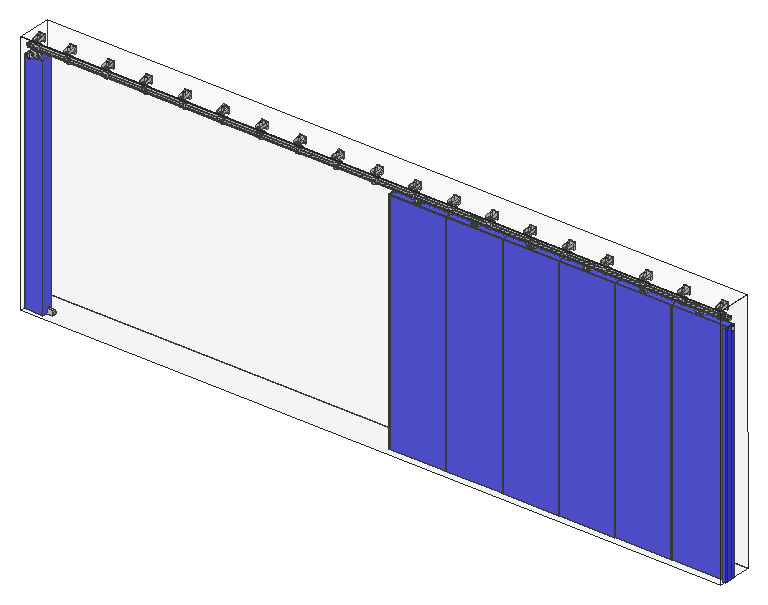
Revit family "Somati-System_SGS_Horizontal-fire-sliding-door_9050_Iintel_counterweight-behind-door-access_EI60_W-to-H-higher-than-1,3", category Doors, host Wall, Revit 2018
Family settings
  Host = Wall
  OmniClass Number = 23.30.10.00
  OmniClass Title = Doors
  Always vertical = Yes
  Cut with Voids When Loaded = No
  Shared = No
  Room Calculation Point = No
Parameters (values of type "EI 60")
  Youtube clip = "https://www.youtube.com/watch?v=pRjbxBvixFY&feature=emb_logo"
  Wing top offset [instance] = 91 mm  # constant formula
  Wing thickness = 71.2 mm
  Wing access (D) [instance] = [Width (W)] + 150 mm  # 5530 mm
  Width (W) [instance] = 5380 mm
  Weight Net (Kg) = "0"
  Uniformat II Description = ""
  Uniformat II Code = ""
  Uniclass 2015 Name = ""
  Uniclass 2015 Code = ""
  Uniclass 2.0 Description = ""
  Uniclass 2.0 Code = ""
  Uniclass 1.4 Description = ""
  Uniclass 1.4 Code = ""
  UNSPSC Code = ""
  Total height (Z) [instance] = Height Control + 375 mm  # 3975 mm
  Thickness = 0 mm
  Technical description = "https://somati-system.pl/en/download/sgs-download-en/"
  Region South America = "None"
  Region Oceania = "None"
  Region North America = "None"
  Region Middle East = "None"
  Region Europe = "AD, AL, AT, AX, BA, BE, BG, BY, CH, CY, CZ, DE, DK, EE, ES, FI, FO, FR, GB, GG, GI, GR, HR, HU, IE, IM, IS, IT, JE, LI, LT, LU, LV, MC, MD, ME, MK, MT, NL, NO, PL, PT, RO, RS, RU, SE, SI, SJ, SK, SM, UA, VA"
  Region Asia = "None"
  Region Antarctica = "None"
  Region Africa = "None"
  Rail and assembly materials [instance] = Somati - Stainless Steel - 7035
  QR code = "http://bimobject.com/somati-system/product/SGS_HORIZONTAL_FIRE_SLIDING_DOOR"
  Product url = "https://somati-system.pl/en/products/sgs-horizontal-fire-sliding-doors/"
  Product group = "SGS"
  Product family = "SGS"
  Product data url = "https://bimobject.com/somati-system/product/SGS_HORIZONTAL_FIRE_SLIDING_DOOR"
  Product certification = ""
  Product SKU = "SGS_HORIZONTAL_FIRE_SLIDING_DOOR"
  Product Guid = "8235eb12-0acf-4b60-9ca9-7613396e8d01"
  Power supply of control panel = "230V/50Hz/6A"  # constant formula
  Panel width [instance] = ([Width (W)] + 168 mm) / Number of panels in wing  # 924.667 mm
  Panel material = Somati - Stainless Steel - Custom
  Panel height [instance] = Height Control + Wing top offset  # 3691 mm
  OmniClass Description = ""
  OmniClass Code = ""
  Offset Right [instance] = 0 mm
  Offset Left [instance] = [Counterweight housing (A2)]  # 310 mm
  Number of panels in wing [instance] = roundup([Width (W)] / 1000 mm)  # 6
  Number of hangers [instance] = ([Guide rail length (K)] - 420 mm) / 600 mm  # 18
  Nominal width = 0 mm
  Nominal height = 0 mm
  NBS Reference Description = ""
  NBS Reference Code = ""
  Model = "SGS"  # constant formula
  Max number of opening cycles = 50000  # constant formula
  Material secondary = "Composite"
  Material main = "Steel"
  Masterformat 2014 Description = ""
  Masterformat 2014 Code = ""
  Manufacturer name = "Somati System"
  Manufacturer country = "Poland"
  Manufacturer = "Somati System"  # constant formula
  Installation instructions = ""
  IFC Classification = ""
  Height Control [instance] = if([Height (H)] < 3501 mm, 3501 mm, [Height (H)])  # 3600 mm
  Height (H) [instance] = 3600 mm
  Guide rail lower edge (B1) [instance] = Height Control + 170 mm  # 3770 mm
  Guide rail length (K) [instance] = [Wing access (D)] + [Width (W)] + [Counterweight housing (A2)]  # 11220 mm
  Gate Control type = "Electromagnetic brake"  # constant formula
  GTIN code = ""
  Function = Interior
  Height = 3000 mm
  Wall Closure = By host
  Width = 3000 mm
  Fire resistance = "EI 60, EI 120 n"  # constant formula
  Edition number = 1
  Design country = "Poland"
  Date of publishing = ""
  Counterweight housing (A2) [instance] = if([Width (W)] / Height Control > 1.3, 310 mm, 180 mm)  # 310 mm
  Console mounting axis (B2) [instance] = if(Height Control > 3500 mm, Height Control + 239 mm, Height Control + 179 mm)  # 3839 mm
  Clearance Area Visibility [instance] = yes
  COBIe Type Category = ""
  Buffer (A1) [instance] = [Width (W)] + 280 mm  # 5660 mm
  Brand url = ""
  BIMobject main category code = "doors"
  BIMobject main category = "Doors"
  BIMobject category code = "doors-fire"
  BIMobject category = "Fire Doors & Shutters"
  Available surface fnish = "Galvanized Stainless Steel PVC, MDF, HDF, laminate or veneer, STANDARD RAL 7035, 9002, 9006, 9010, and powder coating of whole RAL pallet"  # constant formula
Reference planes
  plane 1: y = 0
  plane 2 "Center (Left/Right)": x = 0
  plane 3 "Left": x = -2690
  plane 4 "Right": x = 2690
  plane 5 "Cutout height": z = 3600
  plane 6 "Exterior": y = 150
  plane 7 "Interior": y = -150
  plane 8 "Consoles mounting axis": z = 3839
  plane 9 "Total height top": z = 3975
  plane 10 "Guide rail bottom": z = 3770
  plane 11 "Wing access": x = -8220
  plane 12 "Buffer placement": x = -8350
  plane 13 "Handle": z = 1050
  plane 14 "Wing end left": x = -2798
  plane 15 "Wing end top": z = 3691
  plane 16 "Wing end right": x = 2690
  plane 17: y = -324
  plane 18 "Wing axis": y = -229.75
  plane 19: y = -75
  plane 20: y = -193.4
  plane 21: y = -266.1
  plane 22: x = -2800
  plane 23 "end of hangers": x = -8010
  plane 24: x = -1040
  plane 25: x = -2735
  plane 26: y = -291.1
  plane 27: y = -162.9
  plane 28: x = -8660
  plane 29: x = -8359
  plane 30: x = -8509.5
  plane 31: x = 2690
  plane 32: x = -8660
  plane 33: x = -8505
  plane 34: x = 2560
  plane 35: z = 3757
  plane 36: y = -398.674
Forms (mm)
  Sweep 1, solid
    path origin (0, -150, 0) x (1, 0, 0) y (0, 0, 1)
      loop
        line (-2690, 0) -> (-2690, 3582) -> (2690, 3582)
    profile origin (-2690, -150, 1791) x (-1, 0, 0) y (0, -1, 0)
      loop
        line (22, 33) -> (22, 4)
        arc (22, 4) -> (23.172, 1.172) -> (26, 0) r 4
        line (26, 0) -> (68, 0)
        arc (68, 0) -> (70.828, 1.172) -> (72, 4) r 4
        line (72, 4) -> (72, 29)
        arc (72, 29) -> (72.586, 30.414) -> (74, 31) r 2
        line (74, 31) -> (95, 31) -> (95, 33) -> (22, 33)
  Sweep 2, solid, material "Somati - Stainless Steel - Custom" <- "Panel material"
    path origin (0, -150, 0) x (1, 0, 0) y (0, 0, 1)
      loop
        line (-2798, 3691) -> (-2798, 0)
    profile origin (-2798, -150, 1845.5) x (0, -1, 0) y (1, 0, 0)
      loop
        arc (18.1, 2) -> (19.272, -0.828) -> (22.1, -2) r 4
        line (22.1, -2) -> (114.1, -2)
        arc (114.1, -2) -> (116.928, -0.828) -> (118.1, 2) r 4
        line (118.1, 2) -> (118.1, 13) -> (116.1, 13) -> (116.1, 2)
        arc (116.1, 2) -> (115.514, 0.586) -> (114.1, 0) r 2
        line (114.1, 0) -> (22.1, 0)
        arc (22.1, 0) -> (20.686, 0.586) -> (20.1, 2) r 2
        line (20.1, 2) -> (20.1, 23) -> (18.1, 23) -> (18.1, 2)
  Sweep 3, solid, material "Somati - Stainless Steel - Custom" <- "Panel material"
    path origin (0, -150, 0) x (1, 0, 0) y (0, 0, 1)
      loop
        line (-2800, 3691) -> (2690, 3691)
    profile origin (-55, -150, 3691) x (0, 0, 1) y (0, -1, 0)
      loop
        line (-23, 19.5) -> (-23, 17.5) -> (-2, 17.5)
        arc (-2, 17.5) -> (0.828, 18.672) -> (2, 21.5) r 4
        line (2, 21.5) -> (2, 117.5) -> (0, 117.5) -> (0, 21.5)
        arc (0, 21.5) -> (-0.586, 20.086) -> (-2, 19.5) r 2
        line (-2, 19.5) -> (-23, 19.5)
  Sweep 4, solid, material "Somati - Stainless Steel - 7035" <- "Rail and assembly materials"
    path origin (0, -150, -4.5) x (1, 0, 0) y (0, 0, 1)
      loop
        line (-8660, 3774.5) -> (2690, 3774.5)
    profile origin (-2985, -150, 3770) x (0, 0, 1) y (0, -1, 0)
      loop
        arc (60, 105.25) -> (57.95, 110.2) -> (53, 112.25) r 7
        line (53, 112.25) -> (30.917, 112.25)
        arc (30.917, 112.25) -> (30.008, 112.191) -> (29.114, 112.014) r 7
        line (29.114, 112.014) -> (5.196, 105.636)
        arc (5.196, 105.636) -> (1.449, 103.137) -> (0, 98.872) r 7
        line (0, 98.872) -> (0, 88.75) -> (3, 88.75) -> (3, 100.25) -> (5.312, 102.562) -> (30.393, 109.25) -> (53, 109.25)
        arc (53, 109.25) -> (55.828, 108.078) -> (57, 105.25) r 4
        line (57, 105.25) -> (57, 54.25)
        arc (57, 54.25) -> (55.828, 51.422) -> (53, 50.25) r 4
        line (53, 50.25) -> (30.393, 50.25) -> (5.312, 56.938) -> (3, 59.25) -> (3, 70.75) -> (0, 70.75) -> (0, 60.628)
        arc (0, 60.628) -> (1.449, 56.363) -> (5.196, 53.864) r 7
        line (5.196, 53.864) -> (29.114, 47.486)
        arc (29.114, 47.486) -> (30.008, 47.309) -> (30.917, 47.25) r 7
        line (30.917, 47.25) -> (53, 47.25)
        arc (53, 47.25) -> (57.95, 49.3) -> (60, 54.25) r 7
        line (60, 54.25) -> (60, 105.25)
  Extrusion 5, solid, material "Clearance Areas", visible <- "Clearance Area Visibility"
    sketch origin (-2209.467, 358.585, 220.701) x (1, 0, 0) y (0, 0, -1)
      loop
        line (-6450.533, 220.701) -> (-6450.533, -3758.299) -> (4899.467, -3758.299) -> (4899.467, 220.701) -> (-6450.533, 220.701)
    from -757.259 to -208.585
  Sweep 6, solid, material "Somati - Stainless Steel - Custom" <- "Panel material"
    path origin (0, -150, 0) x (1, 0, 0) y (0, 0, 1)
      loop
        line (-8660, 0) -> (-8660, 3691)
    profile origin (-8660, -150, 1845.5) x (-1, 0, 0) y (0, -1, 0)
      loop
        line (-301, 161) -> (-301, 0) -> (0, 0) -> (0, 161) -> (-301, 161)
      loop
        line (-298, 3) -> (-3, 3) -> (-3, 157) -> (-298, 157) -> (-298, 3)
  Sweep 7, solid, material "Somati - Stainless Steel - Custom" <- "Panel material"
    path origin (0, -150, 0) x (1, 0, 0) y (0, 0, 1)
      loop
        line (2690, 0) -> (2690, 3691)
    profile origin (2690, -150, 1845.5) x (-1, 0, 0) y (0, -1, 0)
      loop
        line (51, 0) -> (51, 33) -> (2, 33) -> (2, 124) -> (48, 124) -> (48, 161) -> (0, 161) -> (0, 0) -> (51, 0)
Lines and regions (mm)
  Opening 1
    outline origin (-3050, -150, 0) x (1, 0, 0) y (0, 0, 1)
      loop
        line (360, 0) -> (5740, 0) -> (5740, 3600) -> (360, 3600) -> (360, 0)
Text (mm)
  text "Exterior" at (-2295.016, 1099.543, 0), in view "Ref. Level"
  text "Exterior" at (0, 1615.38, 3698.081), in view "Left"
  text "Exterior" at (0, 1036.032, 3874.932), in view "Right"
Dimensions and locks
  equal spacing: plane 3 "Left", plane 2 "Center (Left/Right)", plane 4 "Right"
  "Width (W)": plane 3 "Left" to plane 4 "Right"
  "Height Control": plane 5 "Cutout height" to host wall
  host wall to plane 5 "Cutout height" = 3600 mm  (x2)
  locked: plane 6 "Exterior" to host wall at 0
  locked: plane 7 "Interior" to host wall
  "Total height (Z)": plane 9 "Total height top" to level
  "Console mounting axis (B2)": plane 8 "Consoles mounting axis" to level
  "Guide rail lower edge (B1)": plane 10 "Guide rail bottom" to level
  "Buffer (A1)": plane 12 "Buffer placement" to plane 3 "Left"
  "Wing access (D)": plane 11 "Wing access" to plane 3 "Left"
  locked: plane 13 "Handle" to level at 1050
  equal spacing: plane 20, plane 18 "Wing axis", plane 21
  equal spacing: group 1, group 6, group 14, group 15, group 16, group 2  (x3)
  "Wing top offset": plane 15 "Wing end top" to plane 5 "Cutout height"
  locked: plane 22 to plane 14 "Wing end left" at 2
  locked: Sweep 1 sketch curve to plane 5 "Cutout height" at 18
  locked: plane 23 "end of hangers" to plane 11 "Wing access" at 210
  equal spacing: group 4, group 24, group 23, group 22, group 21, group 20, group 19, group 18, group 17, group 13, group 12, group 11, group 10, group 9, group 8, group 7, group 5, group 3
  equal spacing: group 3, group 5, group 7, group 8, group 9, group 10, group 11, group 12, group 13, group 17, group 18, group 19, group 20, group 21, group 22, group 23, group 24, group 4  (x2)
  locked: plane 25 to plane 3 "Left" at 45
  locked: plane 27 to plane 20 at 30.5
  locked: plane 21 to plane 26 at 25
  locked: plane 14 "Wing end left" to plane 3 "Left" at 108
  "Counterweight housing (A2)": plane 28 to plane 12 "Buffer placement"
  locked: Sweep 6 sketch curve to Sweep 6 sketch curve at 3  (x2)
  locked: plane 29 to plane 12 "Buffer placement" at 9
  equal spacing: plane 29, plane 30, plane 28
  "Offset Left": plane 32 to plane 12 "Buffer placement"
  "Offset Right": plane 4 "Right" to plane 31
  equal spacing: plane 28, plane 33, plane 12 "Buffer placement"
  locked: plane 31 to plane 34 at 130
  locked: plane 35 to plane 15 "Wing end top" at 66
  locked: host wall to plane 36 at 248.674
  locked: plane 18 "Wing axis" to host wall at 79.75
  aligned and locked: plane 3 "Left" to Opening 1 sketch curve
  aligned and locked: plane 5 "Cutout height" to Opening 1 sketch curve  (x2)
  aligned and locked: Opening 1 sketch curve to plane 4 "Right"
  aligned and locked: Opening 1 sketch curve to level
  aligned and locked: host wall to plane 1
  aligned and locked: nested 1 to plane 18 "Wing axis"
  aligned and locked: plane 14 "Wing end left" to nested 1
  aligned and locked: plane 16 "Wing end right" to nested 2
  aligned and locked: Sweep 1 sketch curve to plane 3 "Left"
  aligned and locked: plane 3 "Left" to Sweep 1 sketch curve
  aligned and locked: plane 4 "Right" to Sweep 1 sketch curve
  aligned and locked: level to Sweep 1 sketch curve
  aligned and locked: Sweep 2 sketch curve to plane 14 "Wing end left"
  aligned and locked: plane 15 "Wing end top" to Sweep 2 sketch curve
  aligned and locked: level to Sweep 2 sketch curve
  aligned and locked: Sweep 3 sketch curve to plane 15 "Wing end top"
  aligned and locked: Sweep 3 sketch curve to plane 22
  aligned and locked: plane 16 "Wing end right" to Sweep 3 sketch curve
  aligned and locked: nested 4 to plane 23 "end of hangers"
  aligned and locked: plane 6 "Exterior" to Extrusion 5
  aligned and locked: nested 2 to plane 18 "Wing axis"
  aligned and locked: plane 21 to Sweep 2
  aligned and locked: nested 6 to plane 18 "Wing axis"
  aligned and locked: nested 6 to plane 12 "Buffer placement"
  aligned and locked: plane 15 "Wing end top" to Sweep 6 sketch curve
  aligned and locked: Sweep 6 sketch curve to plane 28
  aligned and locked: Sweep 6 sketch curve to plane 29
  aligned and locked: Sweep 7 sketch curve to plane 4 "Right"
  aligned and locked: plane 15 "Wing end top" to Sweep 7 sketch curve
  aligned and locked: plane 32 to Sweep 4 sketch curve
  aligned and locked: plane 31 to Sweep 4 sketch curve
  aligned and locked: Sweep 4 sketch curve to plane 10 "Guide rail bottom"
  aligned and locked: plane 9 "Total height top" to nested 3
  aligned and locked: plane 9 "Total height top" to nested 5
  aligned and locked: nested 3 to host wall
  aligned and locked: nested 5 to host wall
  aligned and locked: plane 31 to Extrusion 5
  aligned and locked: Extrusion 5 to plane 32
  aligned and locked: host wall to nested 26
  aligned and locked: nested 26 to plane 33
  aligned and locked: nested 26 to plane 9 "Total height top"
  aligned and locked: plane 31 to plane 16 "Wing end right"
  aligned and locked: nested 3 to plane 34
  aligned and locked: nested 27 to plane 18 "Wing axis"
  aligned and locked: nested 27 to plane 35
  aligned and locked: plane 33 to nested 27
  aligned and locked: Extrusion 5 to plane 36
  aligned and locked: Extrusion 5 to nested 26
Automatic sketch dimensions
  Sweep 6 sketch curve to plane 28 = 0 mm
  Sweep 6 sketch curve to plane 13 "Handle" = 1050 mm
  plane 7 "Interior" to Sweep 1 sketch curve = 0 mm
  Sweep 1 sketch curve to profile plane = 22 mm
  Sweep 1 sketch curve to Sweep 1 sketch curve = 4 mm
  plane 7 "Interior" to Sweep 1 sketch curve = 4 mm
  Sweep 1 sketch curve to Sweep 1 sketch curve = 42 mm
  Sweep 1 sketch curve to Sweep 1 sketch curve = 2 mm
  Sweep 1 sketch curve to Sweep 1 sketch curve = 21 mm
  Sweep 1 sketch curve to Sweep 1 sketch curve = 25 mm
  Sweep 1 sketch curve to Sweep 1 sketch curve = 29 mm
  Sweep 2 sketch curve to Sweep 2 sketch curve = 0 mm  (x4)
  Sweep 2 sketch curve to profile plane = 0 mm
  Sweep 2 sketch curve to profile plane = 2 mm  (x2)
  plane 7 "Interior" to Sweep 2 sketch curve = 18.1 mm
  Sweep 2 sketch curve to Sweep 2 sketch curve = 2 mm
  Sweep 2 sketch curve to Sweep 2 sketch curve = 92 mm
  Sweep 2 sketch curve to Sweep 2 sketch curve = 11 mm
  Sweep 2 sketch curve to Sweep 2 sketch curve = 21 mm
  Sweep 3 sketch curve to Sweep 3 sketch curve = 0 mm  (x2)
  profile plane to Sweep 3 sketch curve = 0 mm
  profile plane to Sweep 3 sketch curve = 2 mm
  Sweep 3 sketch curve to Sweep 3 sketch curve = 21 mm
  Sweep 3 sketch curve to Sweep 3 sketch curve = 2 mm
  plane 7 "Interior" to Sweep 3 sketch curve = 17.5 mm
  Sweep 3 sketch curve to Sweep 3 sketch curve = 96 mm
  plane 9 "Total height top" to Extrusion 5 sketch curve = 4 mm
  Extrusion 5 sketch curve to plane 12 "Buffer placement" = 310 mm
  Extrusion 5 sketch curve to level = 0 mm
  Sweep 6 sketch curve to plane 7 "Interior" = 0 mm
  plane 7 "Interior" to Sweep 6 sketch curve = 3 mm
  Sweep 6 sketch curve to Sweep 6 sketch curve = 154 mm
  Sweep 6 sketch curve to Sweep 6 sketch curve = 4 mm
  Sweep 7 sketch curve to plane 13 "Handle" = 1050 mm
  plane 7 "Interior" to Sweep 7 sketch curve = 0 mm
  profile plane to Sweep 7 sketch curve = 0 mm
  Sweep 7 sketch curve to Sweep 7 sketch curve = 2 mm
  Sweep 7 sketch curve to profile plane = 48 mm
  Sweep 7 sketch curve to profile plane = 51 mm
  plane 7 "Interior" to Sweep 7 sketch curve = 33 mm
  Sweep 7 sketch curve to Sweep 7 sketch curve = 91 mm
  Sweep 7 sketch curve to Sweep 7 sketch curve = 37 mm
  Sweep 4 sketch curve to Sweep 4 sketch curve = 0 mm  (x5)
  Sweep 4 sketch curve to profile plane = 0 mm  (x2)
  Sweep 4 sketch curve to profile plane = 3 mm  (x2)
  Sweep 4 sketch curve to profile plane = 5.196 mm  (x2)
  Sweep 4 sketch curve to Sweep 4 sketch curve = 0.115 mm  (x2)
  Sweep 4 sketch curve to Sweep 4 sketch curve = 1.688 mm  (x2)
  Sweep 4 sketch curve to Sweep 4 sketch curve = 23.917 mm  (x2)
  Sweep 4 sketch curve to Sweep 4 sketch curve = 1.279 mm  (x2)
  Sweep 4 sketch curve to Sweep 4 sketch curve = 1.804 mm
  Sweep 4 sketch curve to Sweep 4 sketch curve = 0.524 mm
  Sweep 4 sketch curve to Sweep 4 sketch curve = 22.083 mm  (x2)
  Sweep 4 sketch curve to Sweep 4 sketch curve = 4 mm
  Sweep 4 sketch curve to Sweep 4 sketch curve = 3 mm
  plane 7 "Interior" to Sweep 4 sketch curve = 47.25 mm
  Sweep 4 sketch curve to Sweep 4 sketch curve = 0.236 mm
  Sweep 4 sketch curve to Sweep 4 sketch curve = 6.378 mm  (x2)
  Sweep 4 sketch curve to Sweep 4 sketch curve = 3.074 mm  (x2)
  Sweep 4 sketch curve to Sweep 4 sketch curve = 2.312 mm
  Sweep 4 sketch curve to Sweep 4 sketch curve = 10.122 mm  (x2)
  Sweep 4 sketch curve to Sweep 4 sketch curve = 18 mm
  Sweep 4 sketch curve to Sweep 4 sketch curve = 1.378 mm
  Extrusion 5 sketch curve to plane 16 "Wing end right" = 0 mm
Nested families
  nested 1: "Family2" at (-2335.667, -229.75, 0), Material <- "Panel material", Width <- "Panel width", Thickness <- "Wing thickness", Height <- "Panel height", type "Family2"
    with Width 924.667 mm, Thickness 71.2 mm, Material Somati - Stainless Steel - Custom, Height 3691 mm
  nested 2: "Family2" at (2227.667, -229.75, 0), Material <- "Panel material", Width <- "Panel width", Thickness <- "Wing thickness", Height <- "Panel height", type "Family2"
    with Width 924.667 mm, Thickness 71.2 mm, Material Somati - Stainless Steel - Custom, Height 3691 mm
  nested 3: "Family3" at (2526, -230.402, 3857) x (0, 1, 0) z (1, 0, 0), type "Family3", detail levels medium+fine
  nested 4: "Family3" at (-8044, -230.402, 3857) x (0, 1, 0) z (1, 0, 0), type "Family3", detail levels medium+fine
  nested 5: "Family3" at (1904.235, -230.402, 3857) x (0, 1, 0) z (1, 0, 0), type "Family3", detail levels medium+fine
  nested 6: "Stopper" at (-8300.037, -229.75, 0), type "Stopper", detail levels medium+fine
  nested 7: "Family2" at (-1423, -229.75, 0), Material <- "Panel material", Width <- "Panel width", Thickness <- "Wing thickness", Height <- "Panel height", type "Family2"
    with Width 924.667 mm, Thickness 71.2 mm, Material Somati - Stainless Steel - Custom, Height 3691 mm
  nested 8: "Family3" at (1282.471, -230.402, 3857) x (0, 1, 0) z (1, 0, 0), type "Family3", detail levels medium+fine
  nested 9: "Family3" at (660.706, -230.402, 3857) x (0, 1, 0) z (1, 0, 0), type "Family3", detail levels medium+fine
  nested 10: "Family3" at (38.941, -230.402, 3857) x (0, 1, 0) z (1, 0, 0), type "Family3", detail levels medium+fine
  nested 11: "Family3" at (-582.824, -230.402, 3857) x (0, 1, 0) z (1, 0, 0), type "Family3", detail levels medium+fine
  nested 12: "Family3" at (-1204.588, -230.402, 3857) x (0, 1, 0) z (1, 0, 0), type "Family3", detail levels medium+fine
  nested 13: "Family3" at (-1826.353, -230.402, 3857) x (0, 1, 0) z (1, 0, 0), type "Family3", detail levels medium+fine
  nested 14: "Family3" at (-2448.118, -230.402, 3857) x (0, 1, 0) z (1, 0, 0), type "Family3", detail levels medium+fine
  nested 15: "Family2" at (-510.333, -229.75, 0), Material <- "Panel material", Width <- "Panel width", Thickness <- "Wing thickness", Height <- "Panel height", type "Family2"
    with Width 924.667 mm, Thickness 71.2 mm, Material Somati - Stainless Steel - Custom, Height 3691 mm
  nested 16: "Family2" at (402.333, -229.75, 0), Material <- "Panel material", Width <- "Panel width", Thickness <- "Wing thickness", Height <- "Panel height", type "Family2"
    with Width 924.667 mm, Thickness 71.2 mm, Material Somati - Stainless Steel - Custom, Height 3691 mm
  nested 17: "Family2" at (1315, -229.75, 0), Material <- "Panel material", Width <- "Panel width", Thickness <- "Wing thickness", Height <- "Panel height", type "Family2"
    with Width 924.667 mm, Thickness 71.2 mm, Material Somati - Stainless Steel - Custom, Height 3691 mm
  nested 18: "Family3" at (-3069.882, -230.402, 3857) x (0, 1, 0) z (1, 0, 0), type "Family3", detail levels medium+fine
  nested 19: "Family3" at (-3691.647, -230.402, 3857) x (0, 1, 0) z (1, 0, 0), type "Family3", detail levels medium+fine
  nested 20: "Family3" at (-4313.412, -230.402, 3857) x (0, 1, 0) z (1, 0, 0), type "Family3", detail levels medium+fine
  nested 21: "Family3" at (-4935.176, -230.402, 3857) x (0, 1, 0) z (1, 0, 0), type "Family3", detail levels medium+fine
  nested 22: "Family3" at (-5556.941, -230.402, 3857) x (0, 1, 0) z (1, 0, 0), type "Family3", detail levels medium+fine
  nested 23: "Family3" at (-6178.706, -230.402, 3857) x (0, 1, 0) z (1, 0, 0), type "Family3", detail levels medium+fine
  nested 24: "Family3" at (-6800.471, -230.402, 3857) x (0, 1, 0) z (1, 0, 0), type "Family3", detail levels medium+fine
  nested 25: "Family3" at (-7422.235, -230.402, 3857) x (0, 1, 0) z (1, 0, 0), type "Family3", detail levels medium+fine
  nested 26: "Family3" at (-8471, -230.402, 3857) x (0, 1, 0) z (-1, 0, 0), type "Family3"
  nested 27: "brake" at (-8505, -229.75, 3736.165) x (1, 0, 0) z (0, -1, 0), type "brake"
Definition of nested family "Family2"
  Parameters (values of type "Family2")
    Width [instance] = 349.761 mm
    Thickness [instance] = 117.742 mm
    Material [instance] = none
    Height [instance] = 398.765 mm
    Hardware material = none
  Reference planes
    plane 1 "Center (Front/Back)": y = 0
    plane 2: z = 0
    plane 3 "Center (Left/Right)": x = 0
    plane 4: x = -174.88
    plane 5: x = 174.88
    plane 6: y = 58.871
    plane 7: y = -58.871
    plane 8: z = 398.765
  Forms (mm)
    Extrusion 1, solid, material <- "Material"
      sketch origin (0, 0, 0) x (1, 0, 0) y (0, 1, 0)
        loop
          line (-174.88, -58.871) -> (174.88, -58.871) -> (174.88, 58.871) -> (-174.88, 58.871) -> (-174.88, -58.871)
      from 0 to 398.765
  Dimensions and locks
    equal spacing: plane 4, plane 3 "Center (Left/Right)", plane 5
    "Width": plane 4 to plane 5
    equal spacing: plane 6, plane 1 "Center (Front/Back)", plane 7
    "Thickness": plane 6 to plane 7
    "Height": plane 8 to plane 2
    aligned and locked: level to plane 2
    aligned and locked: plane 6 to Extrusion 1
    aligned and locked: Extrusion 1 to plane 7
    aligned and locked: Extrusion 1 to plane 4
    aligned and locked: plane 5 to Extrusion 1
    aligned and locked: plane 6 to Extrusion 1 sketch curve
    aligned and locked: Extrusion 1 sketch curve to plane 7
    aligned and locked: Extrusion 1 sketch curve to plane 4
    aligned and locked: plane 5 to Extrusion 1 sketch curve
    aligned and locked: plane 8 to Extrusion 1
    aligned and locked: plane 3 "Center (Left/Right)" to nested 1
    aligned and locked: plane 1 "Center (Front/Back)" to nested 1
    aligned and locked: nested 1 to plane 8
  Nested families
    nested 1: "Family1" at (0, 0, 491.765), type "Family1", detail levels medium+fine
  Definition of nested family "Family1"
    Parameters (values of type "Family1")
      Material = none
    Reference planes
      plane 1 "Center (Front/Back)": y = 0
      plane 2: z = 0
      plane 3 "Center (Left/Right)": x = 0
      plane 4: y = 1.5
      plane 5: y = -1.5
      plane 6: z = -93
    Forms (mm)
      Extrusion 1, solid, material <- "Material"
        sketch origin (0, 0, 0) x (0, 1, 0) y (0, 0, 1)
          loop
            arc (-4, -26) -> (0.101, -35.899) -> (10, -40) r 14
            line (10, -40) -> (12, -40)
            arc (12, -40) -> (16.243, -41.757) -> (18, -46) r 6
            line (18, -46) -> (18, -48)
            arc (18, -48) -> (16.243, -52.243) -> (12, -54) r 6
            line (12, -54) -> (-34, -54) -> (-34, -62) -> (12, -62)
            arc (12, -62) -> (21.899, -57.899) -> (26, -48) r 14
            line (26, -48) -> (26, -46)
            arc (26, -46) -> (21.899, -36.101) -> (12, -32) r 14
            line (12, -32) -> (10, -32)
            arc (10, -32) -> (5.757, -30.243) -> (4, -26) r 6
            line (4, -26) -> (4, 38) -> (-4, 38) -> (-4, -26)
        from -55 to 55
      Revolve 2, solid, material <- "Material"
        sketch origin (0, 0, 0) x (1, 0, 0) y (0, 0, 1)
          loop
            line (0, -184) -> (8.5, -184) -> (10, -182.5) -> (10, -94) -> (12.375, -94)
            arc (12.375, -94) -> (14.57, -93.613) -> (16.5, -92.5) r 6.422
            line (16.5, -92.5) -> (16.5, -86)
            arc (16.5, -86) -> (14.667, -84.526) -> (12.375, -84) r 5.254
            line (12.375, -84) -> (10, -84) -> (10, -75) -> (12.375, -75)
            arc (12.375, -75) -> (14.57, -74.613) -> (16.5, -73.5) r 6.422
            line (16.5, -73.5) -> (16.5, -67)
            arc (16.5, -67) -> (14.667, -65.526) -> (12.375, -65) r 5.254
            line (12.375, -65) -> (20, -65) -> (20, -62) -> (0, -62) -> (0, -184)
          loop
            line (16.5, -54) -> (16.5, -43)
            arc (16.5, -43) -> (14.667, -41.526) -> (12.375, -41) r 5.254
            line (12.375, -41) -> (0, -41) -> (0, -54) -> (16.5, -54)
          axis (0, -184) -> (0, -41)
        angle from 0 to 360
      Extrusion 3, void
        sketch origin (0, 0, 23) x (1, 0, 0) y (0, 0, 1)
          loop
            arc (-55, -28.637) -> (0, 15) -> (55, -28.637) r 56.479
            line (55, -28.637) -> (55, 17.5) -> (-55, 17.5) -> (-55, -28.637)
        from -23 to 30.5
      Extrusion 4, solid, material <- "Material"
        sketch origin (25, 0, 12.612) x (1, 0, 0) y (0, 0, 1)
          loop
            circle (70, 0) r 9
        from -7 to -3
      Extrusion 5, solid, material <- "Material"
        sketch origin (25, 0, 12.612) x (1, 0, 0) y (0, 0, -1)
          loop
            circle (70, -1.528) r 25
        from -22 to -9
      Sweep 6, void
        path in 3D
          loop
            arc (70, -9, 14.141) -> (95, -9, -10.859) -> (120, -9, 14.141) r 25
            arc (120, -9, 14.141) -> (95, -9, 39.141) -> (70, -9, 14.141) r 25
        profile origin (95, -9, 39.141) x (0, 0, 1) y (0, 1, 0)
          loop
            line (-1.5, 0) -> (0, -1.5) -> (0.954, -0.546) -> (-0.546, 0.954) -> (-1.5, 0)
      Extrusion 7, solid, material <- "Material"
        sketch origin (25, 0, 12.612) x (1, 0, 0) y (0, 0, -1)
          loop
            circle (70, 0) r 9
        from -7 to -3
      Extrusion 8, solid, material <- "Material"
        sketch origin (-25, 0, 12.612) x (-1, 0, 0) y (0, 0, -1)
          loop
            circle (70, 0) r 9
        from -9 to -1.5
      Extrusion 9, solid, material <- "Material"
        sketch origin (-25, 0, 12.612) x (-1, 0, 0) y (0, 0, 1)
          loop
            circle (70, 0) r 9
        from -9 to -1.5
      Extrusion 10, solid, material <- "Material"
        sketch origin (0, 0, 0) x (1, 0, 0) y (0, 0, 1)
          loop
            line (114, 38) -> (-114, 38)
            arc (-114, 38) -> (-118.243, 36.243) -> (-120, 32) r 6
            line (-120, 32) -> (-120, -6)
            arc (-120, -6) -> (-118.243, -10.243) -> (-114, -12) r 6
            line (-114, -12) -> (-70, -12) -> (-70, -4) -> (-24.592, -4) -> (24.592, -4) -> (70, -4) -> (70, -12) -> (114, -12)
            arc (114, -12) -> (118.243, -10.243) -> (120, -6) r 6
            line (120, -6) -> (120, 32)
            arc (120, 32) -> (118.243, 36.243) -> (114, 38) r 6
        from -1.5 to 1.5
      Revolve 11, solid, material <- "Material"
        sketch origin (0, 0, 0) x (0, 1, 0) y (0, 0, 1)
          loop
            arc (-22.5, -52.2) -> (-24.522, -52.351) -> (-26.5, -52.8) r 13.633
            line (-26.5, -52.8) -> (-26.5, -54) -> (-22.5, -54) -> (-22.5, -52.2)
          axis (-22.5, -54) -> (-22.5, -52.2)
        angle from 0 to 360
      Sweep 12, void
        path in 3D
          loop
            arc (70, -22, 14.141) -> (95, -22, -10.859) -> (120, -22, 14.141) r 25
            arc (120, -22, 14.141) -> (95, -22, 39.141) -> (70, -22, 14.141) r 25
        profile origin (95, -22, 39.141) x (0, 0, -1) y (0, -1, 0)
          loop
            line (1.5, 0) -> (0.546, 0.954) -> (-0.954, -0.546) -> (0, -1.5) -> (1.5, 0)
      Extrusion 13, solid, material <- "Material"
        sketch origin (25, 0, 12.612) x (1, 0, 0) y (0, 0, 1)
          loop
            circle (70, 1.528) r 25
        from -22 to -9
      Sweep 14, void
        path in 3D
          loop
            arc (120, 9, 14.141) -> (95, 9, -10.859) -> (70, 9, 14.141) r 25
            arc (70, 9, 14.141) -> (95, 9, 39.141) -> (120, 9, 14.141) r 25
        profile origin (95, 9, 39.141) x (0, 0, 1) y (0, -1, 0)
          loop
            line (-1.5, 0) -> (0, -1.5) -> (0.954, -0.546) -> (-0.546, 0.954) -> (-1.5, 0)
      Sweep 15, void
        path in 3D
          loop
            arc (70, 22, 14.141) -> (95, 22, -10.859) -> (120, 22, 14.141) r 25
            arc (120, 22, 14.141) -> (95, 22, 39.141) -> (70, 22, 14.141) r 25
        profile origin (95, 22, 39.141) x (0, 0, 1) y (0, 1, 0)
          loop
            line (-1.5, 0) -> (0, -1.5) -> (0.954, -0.546) -> (-0.546, 0.954) -> (-1.5, 0)
      Extrusion 16, solid, material <- "Material"
        sketch origin (-25, 0, 12.612) x (-1, 0, 0) y (0, 0, -1)
          loop
            circle (70, 0) r 9
        from -9 to -3
      Extrusion 17, solid, material <- "Material"
        sketch origin (-25, 0, 12.612) x (-1, 0, 0) y (0, 0, 1)
          loop
            circle (70, 1.528) r 25
        from -22 to -9
      Sweep 18, void
        path in 3D
          loop
            arc (-120, -9, 14.141) -> (-95, -9, -10.859) -> (-70, -9, 14.141) r 25
            arc (-70, -9, 14.141) -> (-95, -9, 39.141) -> (-120, -9, 14.141) r 25
        profile origin (-95, -9, 39.141) x (0, 0, 1) y (0, 1, 0)
          loop
            line (-1.5, 0) -> (0, -1.5) -> (0.954, -0.546) -> (-0.546, 0.954) -> (-1.5, 0)
      Extrusion 19, solid, material <- "Material"
        sketch origin (-25, 0, 12.612) x (-1, 0, 0) y (0, 0, 1)
          loop
            circle (70, 0) r 9
        from -9 to -3
      Sweep 20, void
        path in 3D
          loop
            arc (-70, -22, 14.141) -> (-95, -22, -10.859) -> (-120, -22, 14.141) r 25
            arc (-120, -22, 14.141) -> (-95, -22, 39.141) -> (-70, -22, 14.141) r 25
        profile origin (-95, -22, 39.141) x (0, 0, 1) y (0, -1, 0)
          loop
            line (-1.5, 0) -> (0, -1.5) -> (0.954, -0.546) -> (-0.546, 0.954) -> (-1.5, 0)
      Extrusion 21, solid, material <- "Material"
        sketch origin (-25, 0, 12.612) x (-1, 0, 0) y (0, 0, -1)
          loop
            circle (70, -1.528) r 25
        from -22 to -9
      Sweep 22, void
        path in 3D
          loop
            arc (-70, 9, 14.141) -> (-95, 9, -10.859) -> (-120, 9, 14.141) r 25
            arc (-120, 9, 14.141) -> (-95, 9, 39.141) -> (-70, 9, 14.141) r 25
        profile origin (-95, 9, 39.141) x (0, 0, 1) y (0, -1, 0)
          loop
            line (-1.5, 0) -> (0, -1.5) -> (0.954, -0.546) -> (-0.546, 0.954) -> (-1.5, 0)
      Sweep 23, void
        path in 3D
          loop
            arc (-70, 22, 14.141) -> (-95, 22, -10.859) -> (-120, 22, 14.141) r 25
            arc (-120, 22, 14.141) -> (-95, 22, 39.141) -> (-70, 22, 14.141) r 25
        profile origin (-95, 22, 39.141) x (0, 0, -1) y (0, 1, 0)
          loop
            line (1.5, 0) -> (0.546, 0.954) -> (-0.954, -0.546) -> (0, -1.5) -> (1.5, 0)
    Cuts and joins
      Extrusion 3 cuts Extrusion 1
      Sweep 6, Sweep 12, Sweep 14, Sweep 15, Sweep 18, Sweep 20 cuts Extrusion 5
      Sweep 14, Sweep 15, Sweep 22, Sweep 23 cuts Extrusion 13
      Sweep 18, Sweep 20 cuts Extrusion 17
      Sweep 22, Sweep 23 cuts Extrusion 21
    Lines and regions (mm)
      sketch lines
        curve 1: arc (120, -9, 14.141) -> (95, -9, 39.141) -> (70, -9, 14.141) r 25
        curve 2: arc (70, -9, 14.141) -> (95, -9, -10.859) -> (120, -9, 14.141) r 25
        curve 3: arc (120, -22, 14.141) -> (95, -22, 39.141) -> (70, -22, 14.141) r 25
        curve 4: arc (70, -22, 14.141) -> (95, -22, -10.859) -> (120, -22, 14.141) r 25
        curve 5: arc (70, 9, 14.141) -> (95, 9, 39.141) -> (120, 9, 14.141) r 25
        curve 6: arc (120, 9, 14.141) -> (95, 9, -10.859) -> (70, 9, 14.141) r 25
        curve 7: arc (120, 22, 14.141) -> (95, 22, 39.141) -> (70, 22, 14.141) r 25
        curve 8: arc (70, 22, 14.141) -> (95, 22, -10.859) -> (120, 22, 14.141) r 25
        curve 9: arc (-70, -9, 14.141) -> (-95, -9, 39.141) -> (-120, -9, 14.141) r 25
        curve 10: arc (-120, -9, 14.141) -> (-95, -9, -10.859) -> (-70, -9, 14.141) r 25
        curve 11: arc (-120, -22, 14.141) -> (-95, -22, 39.141) -> (-70, -22, 14.141) r 25
        curve 12: arc (-70, -22, 14.141) -> (-95, -22, -10.859) -> (-120, -22, 14.141) r 25
        curve 13: arc (-120, 9, 14.141) -> (-95, 9, 39.141) -> (-70, 9, 14.141) r 25
        curve 14: arc (-70, 9, 14.141) -> (-95, 9, -10.859) -> (-120, 9, 14.141) r 25
        curve 15: arc (-120, 22, 14.141) -> (-95, 22, 39.141) -> (-70, 22, 14.141) r 25
        curve 16: arc (-70, 22, 14.141) -> (-95, 22, -10.859) -> (-120, 22, 14.141) r 25
    Dimensions and locks
      aligned and locked: level to plane 2
Definition of nested family "Family3"
  Parameters (values of type "Family3")
    Material = none
    Default Elevation = 1219.2 mm
  Reference planes
    plane 1 "Center (Front/Back)": y = 0
    plane 2: z = 0
    plane 3 "Center (Left/Right)": x = 0
    plane 4: z = 34
    plane 5: y = -35.027
  Forms (mm)
    Extrusion 1, solid, material <- "Material"
      sketch origin (-42.203, -116.551, 0) x (1, 0, 0) y (0, 1, 0)
        loop
          arc (11.703, 98.551) -> (4.632, 95.622) -> (1.703, 88.551) r 10
          line (1.703, 88.551) -> (1.703, 54.862)
          arc (1.703, 54.862) -> (1.787, 53.562) -> (2.04, 52.285) r 10
          line (2.04, 52.285) -> (7.723, 30.974)
          arc (7.723, 30.974) -> (11.293, 25.621) -> (17.385, 23.551) r 10
          line (17.385, 23.551) -> (29.703, 23.551) -> (29.703, 29.551) -> (17.385, 29.551)
          arc (17.385, 29.551) -> (14.948, 30.379) -> (13.52, 32.52) r 4
          line (13.52, 32.52) -> (7.838, 53.831)
          arc (7.838, 53.831) -> (7.737, 54.342) -> (7.703, 54.862) r 4
          line (7.703, 54.862) -> (7.703, 88.551)
          arc (7.703, 88.551) -> (8.874, 91.38) -> (11.703, 92.551) r 4
          line (11.703, 92.551) -> (72.703, 92.551)
          arc (72.703, 92.551) -> (75.531, 91.38) -> (76.703, 88.551) r 4
          line (76.703, 88.551) -> (76.703, 54.862)
          arc (76.703, 54.862) -> (76.669, 54.342) -> (76.568, 53.831) r 4
          line (76.568, 53.831) -> (70.885, 32.52)
          arc (70.885, 32.52) -> (69.457, 30.379) -> (67.02, 29.551) r 4
          line (67.02, 29.551) -> (54.703, 29.551) -> (54.703, 23.551) -> (67.02, 23.551)
          arc (67.02, 23.551) -> (73.112, 25.621) -> (76.682, 30.974) r 10
          line (76.682, 30.974) -> (82.365, 52.285)
          arc (82.365, 52.285) -> (82.618, 53.562) -> (82.703, 54.862) r 10
          line (82.703, 54.862) -> (82.703, 88.551)
          arc (82.703, 88.551) -> (79.774, 95.622) -> (72.703, 98.551) r 10
          line (72.703, 98.551) -> (11.703, 98.551)
      from 0 to 68
    Revolve 2, solid, material <- "Material"
      sketch origin (0, 15, 34) x (1, 0, 0) y (0, 1, 0)
        loop
          line (0, -33) -> (10, -33) -> (10, 12) -> (12.375, 12)
          arc (12.375, 12) -> (14.57, 12.387) -> (16.5, 13.5) r 6.422
          line (16.5, 13.5) -> (16.5, 20)
          arc (16.5, 20) -> (14.667, 21.474) -> (12.375, 22) r 5.254
          line (12.375, 22) -> (20, 22) -> (20, 25) -> (0, 25) -> (0, -33)
        loop
          line (0, 33) -> (20, 33) -> (20, 36) -> (12.375, 36)
          arc (12.375, 36) -> (14.57, 36.387) -> (16.5, 37.5) r 6.422
          line (16.5, 37.5) -> (16.5, 44)
          arc (16.5, 44) -> (14.667, 45.474) -> (12.375, 46) r 5.254
          line (12.375, 46) -> (10, 46) -> (10, 105.5) -> (8.5, 107) -> (0, 107) -> (0, 33)
        axis (0, 107) -> (0, -33)
      angle from 0 to 360
    Extrusion 3, solid, material <- "Material"
      sketch origin (-0.197, 0, 63.854) x (0, 1, 0) y (0, 0, -1)
        loop
          line (107, 76.927) -> (54, 76.927)
          arc (54, 76.927) -> (44.1, 72.827) -> (40, 62.927) r 14
          line (40, 62.927) -> (40, 0.927)
          arc (40, 0.927) -> (44.1, -8.972) -> (54, -13.073) r 14
          line (54, -13.073) -> (107, -13.073) -> (107, -5.073) -> (54, -5.073)
          arc (54, -5.073) -> (49.757, -3.315) -> (48, 0.927) r 6
          line (48, 0.927) -> (48, 62.927)
          arc (48, 62.927) -> (49.757, 67.17) -> (54, 68.927) r 6
          line (54, 68.927) -> (107, 68.927) -> (107, 76.927)
      from -72.598 to 49.402
    Extrusion 4, solid, material <- "Material"
      sketch origin (-0.197, 0, 63.854) x (0, 1, 0) y (0, 0, -1)
        loop
          line (118, 76.927) -> (8, 76.927) -> (8, -13.073) -> (118, -13.073) -> (118, 76.927)
      from -80.598 to -72.598
    Extrusion 5, void
      sketch origin (-0.197, 0, 63.854) x (0, 1, 0) y (-1, 0, 0)
        loop
          line (80.705, 49.402) -> (107, -71.653) -> (107, 49.402) -> (80.705, 49.402)
      from -76.927 to 13.073
  Cuts and joins
    Extrusion 5 cuts Extrusion 3
  Dimensions and locks
    aligned and locked: level to plane 2
Definition of nested family "Stopper"
  Parameters (values of type "Stopper")
    Material = none
  Reference planes
    plane 1 "Center (Front/Back)": y = 0
    plane 2: z = 0
    plane 3 "Center (Left/Right)": x = 0
  Forms (mm)
    Extrusion 1, solid
      sketch origin (0, -69.316, 40.1) x (1, 0, 0) y (0, 1, 0)
        loop
          line (-49.963, 50.816) -> (50, 50.816) -> (50, 87.816) -> (-49.963, 87.816) -> (-49.963, 50.816)
      from -40 to 40
    Revolve 2, solid, material <- "Material"
      sketch origin (0, -18.5, 40.1) x (1, 0, 0) y (0, 1, 0)
        loop
          line (50, 36.9) -> (50, 18.5) -> (67.112, 18.5) -> (67.112, 36.9) -> (50, 36.9)
        axis (50, 18.5) -> (67.112, 18.5)
      angle from 0 to 360
  Dimensions and locks
    aligned and locked: level to plane 2
Definition of nested family "brake"
  Parameters (values of type "brake")
    Material = none
    Default Elevation = 1219.2 mm
  Reference planes
    plane 1 "Center (Front/Back)": y = 0
    plane 2: z = 0
    plane 3 "Center (Left/Right)": x = 0
    plane 4: z = 0
  Forms (mm)
    Revolve 1, solid, material <- "Material", detail levels medium+fine
      sketch origin (-1.83, 20.835, 169) x (0, 1, 0) y (0, 0, -1)
        loop
          line (0, 113.55) -> (0, 0) -> (43.75, 0)
          arc (43.75, 0) -> (44.457, 0.293) -> (44.75, 1) r 1
          line (44.75, 1) -> (44.75, 14.373) -> (47.25, 17.352) -> (47.25, 76) -> (45.25, 78) -> (47.5, 78) -> (47.5, 81) -> (21.5, 81) -> (21.5, 89.5)
          arc (21.5, 89.5) -> (21.207, 90.207) -> (20.5, 90.5) r 1
          line (20.5, 90.5) -> (12.5, 90.5) -> (12.5, 93.55) -> (23, 93.55) -> (23, 95.3) -> (48, 95.3) -> (48, 97.8) -> (43.067, 101.346) -> (48, 104.8) -> (48, 107.3) -> (23, 107.3) -> (23, 109.05) -> (12, 109.05) -> (12, 110.55) -> (6, 110.55) -> (6, 112.55) -> (5, 113.55) -> (0, 113.55)
        axis (0, 113.55) -> (0, 0)
      angle from 0 to 360
    Revolve 2, solid, material <- "Material", detail levels medium+fine
      sketch origin (-49.158, 19.721, 169) x (0, 1, 0) y (0, 0, -1)
        loop
          line (-40, 180) -> (-40, 139.5) -> (-30.5, 139.5) -> (-29.03, 140.349) -> (-29.03, 147.5) -> (-26.5, 147.5) -> (-26.5, 150) -> (-33.5, 150) -> (-33.5, 153) -> (-28, 153) -> (-28, 155) -> (-12.5, 155) -> (-12.5, 157) -> (-16.068, 158.552)
          arc (-16.068, 158.552) -> (-18, 161.5) -> (-16.068, 164.448) r 3.214
          line (-16.068, 164.448) -> (-12.5, 166) -> (-12.5, 168) -> (-28, 168) -> (-28, 170) -> (-30.5, 170) -> (-29.03, 170.849) -> (-29.03, 178) -> (-30.5, 178.849) -> (-33.899, 178.849) -> (-35.05, 180) -> (-40, 180)
        axis (-40, 180) -> (-40, 139.5)
      angle from 0 to 360
    Revolve 3, solid, material <- "Material", detail levels medium+fine
      sketch origin (53.17, 20.835, 169) x (0, 1, 0) y (0, 0, -1)
        loop
          line (-7.5, 169) -> (33, 169) -> (33, 173.95) -> (31.95, 175) -> (3, 175) -> (3, 182.5) -> (0.5, 182.5) -> (0.5, 179.97) -> (-6.651, 179.97) -> (-7.5, 178.5) -> (-7.5, 169)
        axis (-7.5, 169) -> (33, 169)
      angle from 0 to 360
    Extrusion 4, solid, material <- "Material"
      sketch origin (-1.83, 20.835, 169) x (0, 1, 0) y (0, 0, -1)
        loop
          arc (3, 154.5) -> (2.561, 153.439) -> (1.5, 153) r 1.5
          line (1.5, 153) -> (-56, 153)
          arc (-56, 153) -> (-58.121, 152.121) -> (-59, 150) r 3
          line (-59, 150) -> (-59, 81)
          arc (-59, 81) -> (-58.121, 78.879) -> (-56, 78) r 3
          line (-56, 78) -> (47.5, 78) -> (47.5, 81) -> (-56, 81) -> (-56, 150) -> (1.5, 150)
          arc (1.5, 150) -> (4.682, 151.318) -> (6, 154.5) r 4.5
          line (6, 154.5) -> (6, 187) -> (3, 187) -> (3, 154.5)
      from -70 to 70
    Revolve 5, solid, material <- "Material", detail levels medium+fine
      sketch origin (-56.83, 20.835, 169) x (0, 1, 0) y (0, 0, 1)
        loop
          line (-7.5, -169) -> (-7.5, -178.5) -> (-6.651, -179.97) -> (0.5, -179.97) -> (0.5, -182.5) -> (3, -182.5) -> (3, -175) -> (31.95, -175) -> (33, -173.95) -> (33, -169) -> (-7.5, -169)
        axis (-7.5, -169) -> (33, -169)
      angle from 0 to 360
    Extrusion 6, void
      sketch origin (-1.83, 68.335, 91) x (1, 0, 0) y (0, -1, 0)
        loop
          line (-69.695, 98.721) -> (-77.865, 98.721) -> (-77.865, -6.279) -> (79.695, -6.279) -> (79.695, 98.721) -> (69.695, 98.721) -> (44.608, 30.233)
          arc (44.608, 30.233) -> (0, -0.933) -> (-44.608, 30.233) r 47.506
          line (-44.608, 30.233) -> (-69.695, 98.721)
      from 0 to 75
    Extrusion 7, solid, material <- "Material", detail levels coarse
      sketch origin (0, 0, 0) x (1, 0, 0) y (0, 1, 0)
        loop
          circle (-1.83, 20.835) r 48
      from 61.7 to 170.45
    Extrusion 8, solid, material <- "Material", detail levels coarse
      sketch origin (0, 0, 0) x (1, 0, 0) y (0, 1, 0)
        loop
          circle (-49.158, -20.279) r 27.5
      from 0 to 14
  Cuts and joins
    Extrusion 6 cuts Revolve 3
    Extrusion 6 cuts Revolve 5
    Extrusion 6 cuts Extrusion 4
  Lines and regions (mm)
    reference lines
      curve 1: line (0, 53.835, 0) -> (0, -57.961, 0)
      curve 2: line (0, 20.835, 55.45) -> (0, 20.835, 170.45)
  Dimensions and locks
    aligned and locked: level to plane 2
